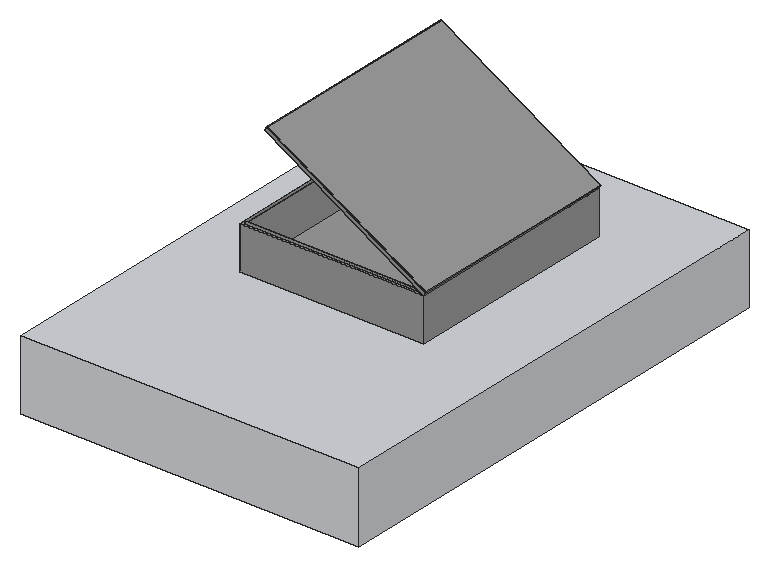
Revit family "Hager-Univers-IP44-D205-H950-Cl.II-Encl-CH-de", category Equipement électrique, Revit 2020
Family settings
  Hôte = Face
  Configuration du panneau = Deux colonnes, circuits au sein
  Cote de connecteur circulaire = Utiliser le diamètre
  Type d'élément = Tableau de raccordement
  Couper avec des vides une fois chargée = Non
  Partagée = Non
  Point de calcul de pièce = Non
Parameters (values of type "Aufputz IP44 B800 H950 T205  - FP63QS")
  Width Control [instance] = if([EF000008 - Breite] > Min Width, [EF000008 - Breite], Min Width)  # 800 mm
  Commentaires du type = [HG000003 - Bereich]  # "Univers"
  Thickness Door [instance] = if([EF009171 - Materialstärke Tür/Deckel] > 3 mm, 3 mm, [EF009171 - Materialstärke Tür/Deckel])  # 1 mm
  Seal Frame Offset [instance] = 17 mm  # constant formula
  Plinth Visibility [instance] = [HG000027 - Sockelhöhe] > 0 mm  # no
  Model = ""
  Min Width [instance] = 100 mm  # constant formula
  Min Height [instance] = 100 mm  # constant formula
  Min Depth [instance] = (2 * [EF009170 - Materialstärke Gehäuse]) + 1 mm  # 3 mm
  Internal Frame Depth [instance] = (Door System Depth * 0.5)  # 9 mm
  Height Control [instance] = if([EF000040 - Höhe] > Min Height, [EF000040 - Höhe], Min Height)  # 950 mm
  HG000027 - Sockelhöhe = 0 mm
  HG000026 - Stehend auf dem Boden = no
  HG000024 - Höhe des unteren Teils = 800 mm
  HG000023 - Gehäuse mit doppeltem Querschnitt = no
  HG000016 - 3D-Türsichtbarkeit [instance] = yes
  HG000015 - Sichtbarkeit der Türöffnung [instance] = no
  HG000014 - Tür rechts [instance] = yes
  HG000013 - Tür links [instance] = not([HG000014 - Tür rechts])  # no
  HG000012 - Türschwenkwinkel [instance] = 30.00°
  HG000010 - Asymmetrische Türen = no
  HG000009 - Doppelflügeligen Tür = no
  HG000006 - Unterputz = no
  HG000004 - Herstellerreferenz = "FP63QS"
  HG000003 - Bereich = "Univers"
  HG000002 - Mit tür = yes
  Frame Offset Bottom [instance] = 10 mm  # constant formula
  Frame Offset [instance] = 15 mm  # constant formula
  EF015940 - Deckel mit Überdruckentlastung = no
  EF011959 - Schutzart (NEMA) = ""
  EF009554 - Anzahl der Öffnungen für Flanschplatten = 6
  Fabricant = "Hager"  # constant formula
  EF009212 - Ausführung Deckel = "EV000116 - geschlossen"
  EF009171 - Materialstärke Tür/Deckel = 1 mm
  EF009170 - Materialstärke Gehäuse = 1 mm
  EF008873 - Nennstrom (In) = 250 A
  EF007800 - Geeignet für Blitzschutz = no
  EF006306 - Mit Schloss = no
  EF006244 - Transparenter Deckel/Tür = no
  EF005474 - Schutzart (IP) = "EV006418 - IP44"
  EF004464 - Art der Tür = "EV002646 - Einzel"
  EF004427 - Anzahl der Module = 216
  EF004293 - Schlagfestigkeit = "EV006815 - IK09"
  EF003532 - Geeignet für Außengebrauch = no
  EF002950 - Breite in Teilungseinheiten = 36
  EF001613 - Funktionserhalt = "EV000494 - ohne"
  EF001596 - Werkstoff des Gehäuses = "EV000179 - Stahl"
  EF001131 - Innentiefe = 143 mm
  EF001088 - Anbaumöglichkeit = yes
  EF000437 - Anzahl der Leitungseinführungen = 6
  EF000339 - Art der Abdeckung = "EV001012 - Deckel"
  EF000266 - Anzahl der Reihen = 6
  EF000218 - Einbautiefe = 0 mm
  EF000118 - Mit Montageplatte = no
  EF000116 - RAL-Nummer = "9010"
  EF000049 - Tiefe = 205 mm
  EF000040 - Höhe = 950 mm
  EF000008 - Breite = 800 mm
  EF000007 - Farbe = "EV000202 - weiß"
  EF000003 - Montageart = "EV000384 - Aufputz"
  Door System Leaf Tolerance [instance] = 1.5 mm  # constant formula
  Door System Depth [instance] = 18 mm  # constant formula
  Door Height [instance] = Height Control - [HG000027 - Sockelhöhe]  # 950 mm
  Depth Control [instance] = if([EF000049 - Tiefe] > Min Depth, [EF000049 - Tiefe], Min Depth)  # 205 mm
  Default Elevation = 0 mm
  Connector Offset [instance] = Height Control / 2  # 475 mm
  Bottom Top Plate Trim [instance] = 1.5 mm  # constant formula
  Plinth height Ctrl [instance] = if([HG000027 - Sockelhöhe] > 0 mm, [HG000027 - Sockelhöhe], 12 mm)  # 12 mm
Types (5, lengths in mm): name | Width Control | HG000009 - Doppelflügeligen Tür | HG000004 - Herstellerreferenz | EF009554 - Anzahl der Öffnungen für Flanschplatten | EF004464 - Art der Tür | EF004427 - Anzahl der Module | EF002950 - Breite in Teilungseinheiten | EF001131 - Innentiefe | EF000437 - Anzahl der Leitungseinführungen | EF000008 - Breite
  Aufputz IP44 B1050 H950 T205  - FP64QS | 1050 | yes | "FP64QS" | 8 | "EV003602 - Doppel" | 288 | 48 | 143 | 8 | 1050
  Aufputz IP44 B1300 H950 T205  - FP65QS | 1300 | yes | "FP65QS" | 10 | "EV003602 - Doppel" | 360 | 60 | 143 | 10 | 1300
  Aufputz IP44 B300 H950 T205  - FP61QS | 300 | no | "FP61QS" | 2 | "EV002646 - Einzel" | 72 | 12 | 143 | 2 | 300
  Aufputz IP44 B550 H950 T205  - FP62QS | 550 | no | "FP62QS" | 4 | "EV002646 - Einzel" | 144 | 24 | 130 | 4 | 550
  Aufputz IP44 B800 H950 T205  - FP63QS | 800 | no | "FP63QS" | 6 | "EV002646 - Einzel" | 216 | 36 | 143 | 6 | 800
Reference planes
  plane 1 "Center (Front/Back)": y = 0
  plane 2: z = 0
  plane 3 "Center (Left/Right)": x = 0
  plane 4: z = 205
  plane 5: y = 1
  plane 6: y = 475
  plane 7: y = 0
  plane 8: y = 950
  plane 9: z = 0
  plane 10: x = -385
  plane 11: x = 385
  plane 12: x = 384
  plane 13: x = -384
  plane 14: y = 949
  plane 15: x = -383
  plane 16: x = -400
  plane 17: x = 383
  plane 18: x = 400
  plane 19: x = 399
  plane 20: x = -399
  plane 21: y = 11
  plane 22: y = 950
  plane 23: y = 934
  plane 24: z = 187
  plane 25: z = 1
  plane 26: z = 186
  plane 27: z = 204
Forms (mm)
  Extrusion 1, solid
    sketch origin (0, 0, 0) x (1, 0, 0) y (0, 1, 0)
      loop
        line (-702.964, 1305) -> (-702.964, -811.445) -> (766.763, -811.445) -> (766.763, 1305) -> (-702.964, 1305)
    from 0 to -304.8
  Extrusion 2, solid, material "Hager_Steel_RAL7035_Light_Grey", visible <- "Plinth Visibility", detail levels medium+fine
    sketch origin (0, 0, 0) x (1, 0, 0) y (0, 1, 0)
      loop
        line (-400, 0) -> (400, 0) -> (400, 12) -> (-400, 12) -> (-400, 0)
    from 0 to 187
  Extrusion 3, solid, material "Hager_Steel_RAL7035_Light_Grey", detail levels medium+fine
    sketch origin (0, 0, 0) x (1, 0, 0) y (0, 1, 0)
      loop
        line (-400, 0) -> (400, 0) -> (400, 950) -> (-400, 950) -> (-400, 0)
    from 0 to 187
  Extrusion 4, void
    sketch origin (0, 0, 0) x (1, 0, 0) y (0, 1, 0)
      loop
        line (-399, 1) -> (399, 1) -> (399, 949) -> (-399, 949) -> (-399, 1)
    from 1 to 186
  Extrusion 5, void
    sketch origin (-381.607, -4572, 187) x (0, -1, 0) y (-1, 0, 0)
      loop
        line (-4583, 2.393) -> (-5506, 2.393) -> (-5506, -765.607) -> (-4583, -765.607) -> (-4583, 2.393)
    from 0 to 1 <- "EF009170 - Materialstärke Gehäuse"
  Extrusion 6, solid, material "Hager_Steel_RAL7035_Light_Grey", detail levels fine
    sketch origin (0, 0, 187) x (1, 0, 0) y (0, 1, 0)
      loop
        line (-384, 934) -> (-384, 11) -> (384, 11) -> (384, 934) -> (-384, 934)
      loop
        line (-385, 10) -> (385, 10) -> (385, 935) -> (-385, 935) -> (-385, 10)
    from 0 to 9 <- "Internal Frame Depth"
  Extrusion 7, solid, material "Hager_Steel_RAL7035_Light_Grey", detail levels coarse
    sketch origin (0, 0, 0) x (1, 0, 0) y (0, 1, 0)
      loop
        line (-400, 0) -> (400, 0) -> (400, 950) -> (-400, 950) -> (-400, 0)
    from 0 to 205
  Sweep 8, void
    path in 3D
      loop
        line (-400, 12, 0) -> (400, 12, 0) -> (400, 12, 187) -> (-400, 12, 187) -> (-400, 12, 0)
    profile origin (-400, 12, 93.5) x (-1, 0, 0) y (0, -1, 0)
      loop
        line (0, 0) -> (0, 1.5) -> (-1.5, 1.5)
        arc (-1.5, 1.5) -> (-1.061, 0.439) -> (0, 0) r 1.5
Cuts and joins
  Extrusion 4, Extrusion 5 cuts Extrusion 3
  Sweep 8 cuts Extrusion 2
Lines and regions (mm)
  Masking region 1
    outline origin (0, 0, 0) x (1, 0, 0) y (0, 0, 1)
      loop
        line (-400, 205) -> (-400, 0) -> (400, 0) -> (400, 205) -> (-400, 205)
  Masking region 2, detail levels medium+fine
    outline origin (0, 140, 0) x (0, 1, 0) y (0, 0, 1)
      loop
        line (-140, 0) -> (810, 0) -> (810, 187) -> (-140, 187) -> (-140, 0)
  Masking region 3, not visible, detail levels medium+fine
    outline origin (0, 297.922, 0) x (0, 1, 0) y (0, 0, 1)
      loop
        line (188.578, 0) -> (228.578, 0) -> (228.578, 194)
        arc (228.578, 194) -> (225.649, 201.071) -> (218.578, 204) r 10
        line (218.578, 204) -> (188.578, 204) -> (188.578, 0)
  Masking region 4, detail levels coarse
    outline origin (0, 0, 180) x (0, 1, 0) y (0, 0, 1)
      loop
        line (0, -180) -> (950, -180) -> (950, 25) -> (0, 25) -> (0, -180)
  Masking region 5, visible <- "Plinth Visibility", detail levels medium+fine
    outline origin (0, 52.24, 12.345) x (0, 0, -1) y (0, 1, 0)
      loop
        line (10.845, -40.24) -> (-173.155, -40.24)
        arc (-173.155, -40.24) -> (-173.594, -41.301) -> (-174.655, -41.74) r 1.5
        line (-174.655, -41.74) -> (-174.655, -52.24) -> (12.345, -52.24) -> (12.345, -41.74)
        arc (12.345, -41.74) -> (11.285, -41.301) -> (10.845, -40.24) r 1.5
  Masking region 6, detail levels medium+fine
    outline origin (-381.607, -4572, 187) x (-1, 0, 0) y (0, -1, 0)
      loop
        line (18.393, -5522) -> (18.393, -4572) -> (-781.607, -4572) -> (-781.607, -5522) -> (18.393, -5522)
  Masking region 7, visible <- "Plinth Visibility", detail levels medium+fine
    outline origin (-381.607, -4727, 187) x (-1, 0, 0) y (0, -1, 0)
      loop
        arc (16.893, -4739) -> (17.332, -4737.939) -> (18.393, -4737.5) r 1.5
        line (18.393, -4737.5) -> (18.393, -4727) -> (-781.607, -4727) -> (-781.607, -4737.5)
        arc (-781.607, -4737.5) -> (-780.546, -4737.939) -> (-780.107, -4739) r 1.5
        line (-780.107, -4739) -> (16.893, -4739)
  Masking region 8, detail levels coarse
    outline origin (-442.548, -4669.526, 187) x (-1, 0, 0) y (0, -1, 0)
      loop
        line (-42.548, -5619.526) -> (-42.548, -4669.526) -> (-842.548, -4669.526) -> (-842.548, -5619.526) -> (-42.548, -5619.526)
  sketch lines
    curve 1: line (-400, 12, 187) -> (-400, 12, 0)
    curve 2: line (400, 12, 187) -> (-400, 12, 187)
    curve 3: line (400, 12, 187) -> (400, 12, 0)
    curve 4: line (-400, 12, 0) -> (400, 12, 0)
Dimensions and locks
  "Depth Control": plane 4 to Extrusion 1
  "HG000027 - Sockelhöhe": plane 1 "Center (Front/Back)" to plane 7
  "EF009170 - Materialstärke Gehäuse": plane 5 to plane 7
  locked: connector elem to plane 3 "Center (Left/Right)"
  equal spacing: plane 8, plane 6, plane 7
  locked: connector elem to plane 6
  "EF009170 - Materialstärke Gehäuse": plane 8 to plane 14
  "EF009170 - Materialstärke Gehäuse": plane 10 to plane 13
  "EF009170 - Materialstärke Gehäuse": plane 12 to plane 11
  "Frame Offset": plane 20 to plane 13
  "Frame Offset": plane 12 to plane 19
  "EF009170 - Materialstärke Gehäuse": plane 16 to plane 20
  "EF009170 - Materialstärke Gehäuse": plane 19 to plane 18
  "Seal Frame Offset": plane 16 to plane 15
  "Seal Frame Offset": plane 17 to plane 18
  "Frame Offset Bottom": plane 21 to plane 5
  "Frame Offset": plane 14 to plane 23
  equal spacing: plane 16, plane 3 "Center (Left/Right)", plane 18
  "Width Control": plane 16 to plane 18
  "EF009170 - Materialstärke Gehäuse": plane 4 to plane 27
  "EF009170 - Materialstärke Gehäuse": plane 24 to plane 26
  "EF009170 - Materialstärke Gehäuse": plane 25 to level
  "Door System Depth": plane 4 to plane 24
  "Height Control": plane 1 "Center (Front/Back)" to Extrusion 7 sketch curve
  "Height Control": Masking region 4 sketch curve to plane 1 "Center (Front/Back)"
  "Height Control": plane 1 "Center (Front/Back)" to plane 22
  "Bottom Top Plate Trim": profile plane to Sweep 8 sketch curve
  "Bottom Top Plate Trim": Sweep 8 sketch curve to profile plane
  "Plinth height Ctrl": plane 1 "Center (Front/Back)" to Extrusion 2 sketch curve
  "Plinth height Ctrl": Masking region 5 sketch curve to plane 1 "Center (Front/Back)"
  "Plinth height Ctrl": plane 1 "Center (Front/Back)" to Masking region 7 sketch curve
  "Thickness Door": Extrusion 6 sketch curve to Extrusion 6 sketch curve  (x3)
  "Thickness Door": cut or joined group of Extrusion 3, Extrusion 4, Extrusion 5 to Extrusion 6 sketch curve
  radius of Masking region 3 sketch curve = 10 mm
  "Bottom Top Plate Trim": radius of Masking region 5 sketch curve  (x2)
  "Bottom Top Plate Trim": radius of Sweep 8 sketch curve
  "Bottom Top Plate Trim": radius of Masking region 7 sketch curve  (x2)
  aligned and locked: plane 2 to Extrusion 1
  aligned and locked: level to Extrusion 1
  aligned and locked: level to Masking region 1 sketch curve
  aligned and locked: Masking region 1 sketch curve to plane 18
  aligned and locked: Masking region 1 sketch curve to plane 16
  aligned and locked: plane 7 to Masking region 2 sketch curve
  aligned and locked: level to Masking region 3 sketch curve
  aligned and locked: Masking region 3 sketch curve to plane 27
  aligned and locked: level to Masking region 2 sketch curve
  aligned and locked: plane 1 "Center (Front/Back)" to Extrusion 2 sketch curve
  aligned and locked: Extrusion 3 sketch curve to plane 7
  aligned and locked: plane 16 to Extrusion 3 sketch curve
  aligned and locked: plane 18 to Extrusion 3 sketch curve
  aligned and locked: plane 20 to Extrusion 4 sketch curve
  aligned and locked: plane 19 to Extrusion 4 sketch curve
  aligned and locked: Extrusion 4 sketch curve to plane 5
  aligned and locked: Extrusion 4 to plane 25
  aligned and locked: plane 26 to Extrusion 4
  aligned and locked: plane 24 to Extrusion 3
  aligned and locked: Extrusion 5 sketch curve to plane 21
  aligned and locked: Extrusion 5 sketch curve to plane 13
  aligned and locked: Extrusion 5 sketch curve to plane 12
  aligned and locked: plane 18 to Extrusion 7 sketch curve
  aligned and locked: plane 1 "Center (Front/Back)" to Extrusion 7 sketch curve
  aligned and locked: plane 16 to Extrusion 7 sketch curve
  aligned and locked: plane 4 to Extrusion 7
  aligned and locked: Extrusion 7 to level
  aligned and locked: level to Masking region 4 sketch curve
  aligned and locked: Masking region 4 sketch curve to plane 1 "Center (Front/Back)"
  aligned and locked: Masking region 4 sketch curve to plane 4
  aligned and locked: nested 1 to level
  aligned and locked: nested 1 to plane 16
  aligned and locked: plane 8 to Extrusion 3 sketch curve
  aligned and locked: plane 23 to Extrusion 5 sketch curve
  aligned and locked: plane 14 to Extrusion 4 sketch curve
  aligned and locked: Masking region 2 sketch curve to plane 8
  aligned and locked: level to Masking region 5 sketch curve
  aligned and locked: plane 16 to Extrusion 2 sketch curve
  aligned and locked: plane 18 to Extrusion 2 sketch curve
  aligned and locked: Masking region 5 sketch curve to plane 24
  aligned and locked: Masking region 2 sketch curve to plane 24
  aligned and locked: plane 24 to Extrusion 2
  aligned and locked: profile plane to Sweep 8 sketch curve  (x2)
  aligned and locked: Masking region 6 sketch curve to plane 18
  aligned and locked: Masking region 6 sketch curve to plane 22
  aligned and locked: Masking region 6 sketch curve to plane 16
  aligned and locked: plane 8 to plane 22
  aligned and locked: Masking region 6 sketch curve to plane 7
  aligned and locked: Masking region 7 sketch curve to plane 16
  aligned and locked: Masking region 7 sketch curve to plane 1 "Center (Front/Back)"
  aligned and locked: Masking region 7 sketch curve to plane 18
  aligned and locked: Masking region 8 sketch curve to plane 1 "Center (Front/Back)"
  aligned and locked: Masking region 8 sketch curve to plane 18
  aligned and locked: Masking region 8 sketch curve to plane 22
  aligned and locked: Masking region 8 sketch curve to plane 16
  aligned and locked: nested 2 to plane 7
  aligned and locked: plane 3 "Center (Left/Right)" to nested 2
  aligned and locked: nested 2 to plane 24
  aligned and locked: Extrusion 6 sketch curve to cut or joined group of Extrusion 3, Extrusion 4, Extrusion 5  (x4)
Automatic sketch dimensions
  Extrusion 1 sketch curve to Extrusion 1 sketch curve = 1469.727 mm
  Extrusion 1 sketch curve to Extrusion 1 sketch curve = 2116.445 mm
  Masking region 1 sketch curve to plane 4 = 0 mm
  plane 6 to Masking region 3 sketch curve = 11.5 mm
  Masking region 3 sketch curve to Masking region 3 sketch curve = 30 mm
  Masking region 5 sketch curve to plane 1 "Center (Front/Back)" = 0 mm
Nested families
  nested 1: "Hager_Enclosure_Symbol" at (-400, 0, 0) x (1, 0, 0) z (0, -1, 0), Height <- "Depth Control", Width <- "Width Control", type "Hager_Enclosure_Symbol"
    with Width_Ctrl 800 mm, Width 800 mm, Height_Ctrl 205 mm, Height 205 mm, A_Width_Int 13.453 mm, A_Width 161.438 mm, A_Height_Ctrl 179.375 mm, A_Height 179.375 mm
  nested 2: "EC000058_Univers_Door" at (0, 0, 187) x (1, 0, 0) z (0, 1, 0), Leaf_Tolerance <- "Door System Leaf Tolerance", Angle <- "HG000012 - Türschwenkwinkel", Door_Depth <- "Door System Depth", Door_Left <- "HG000013 - Tür links", Transparent <- "EF006244 - Transparenter Deckel/Tür", Assymetrical <- "HG000010 - Asymmetrische Türen", Width <- "Width Control", Clearance <- "HG000015 - Sichtbarkeit der Türöffnung", Double <- "HG000009 - Doppelflügeligen Tür", 3d_Door <- "HG000016 - 3D-Türsichtbarkeit", Lock_Visibility <- "EF006306 - Mit Schloss", Width_Ctrl <- "Width Control", Door_Right <- "HG000014 - Tür rechts", Door <- "HG000002 - Mit tür", Height <- "Door Height", Thickness <- "Thickness Door", type "EC000058_Univers_Door", detail levels medium+fine
    with min_wh 3 mm, Width_Ctrl 800 mm, Width 800 mm, Transparent no, Thickness 1 mm, Seal_Material Hager_Rubber, Lock_Visibility no, Lock_Material Hager_Plastic_RAL9005_Jet_Black, Leaf_Width 800 mm, Leaf_Tolerance_External_Sides 0 mm, Leaf_Tolerance 1.5 mm, Leaf_Offset 0 mm, Leaf_Height 947 mm, Leaf_2_Width 800 mm, Leaf_2_Offset 400 mm, Leaf_1_Width 800 mm, Leaf_1_Offset 400 mm, Height_Ctrl 950 mm, Height 950 mm, Glass_Material Hager_Glass, Double_Clearance_Ctrl no, Double no, Door_Right_Ctrl yes, Door_Right yes, Door_Material Hager_Steel_RAL7035_Light_Grey, Door_Left_Ctrl no, Door_Left no, Door_Depth 18 mm, Door yes, Clearance_Material Hager_Clearance, Clearance_Depth 800 mm, Clearance_Ctrl no, Clearance no, Assymetrical no, Angle 30.00°, 3d_Door yes
Connectors
  electrical at (0, 475, 0)
    settings: on plane 9, index 1, voltage 0 V, apparent load 0 VA, apparent load phase1 0 VA, apparent load phase2 0 VA, apparent load phase3 0 VA, power factor 1, load classification "Other", number of poles 1, system type 30, power factor state 1, is connector primary yes, connector utility no, sub classification motor no, connector description ""
Definition of nested family "EC000058_Univers_Door"
  Parameters (values of type "EC000058_Univers_Door")
    min_wh [instance] = (2 * Thickness) + 1 mm  # 11 mm
    Width_Ctrl [instance] = 400 mm
    Width [instance] = 500 mm
    Transparent [instance] = yes
    Thickness [instance] = 5 mm
    Seal_Material [instance] = none
    Lock_Visibility [instance] = yes
    Lock_Material [instance] = none
    Leaf_Width [instance] = if((Width_Ctrl - 2 * Leaf_Tolerance_External_Sides) > 0 mm, (Width_Ctrl - 2 * Leaf_Tolerance_External_Sides), min_wh)  # 400 mm
    Leaf_Tolerance_External_Sides [instance] = 0 mm  # constant formula
    Leaf_Tolerance [instance] = 1.5 mm
    Leaf_Offset [instance] = 0 mm  # constant formula
    Leaf_Height [instance] = if((Height_Ctrl - 2 * Leaf_Tolerance) > 0 mm, (Height_Ctrl - 2 * Leaf_Tolerance), min_wh)  # 497 mm
    Leaf_2_Width [instance] = if(and(and(Double, Assymetrical), Door_Left), (Leaf_Width / 3) - (Leaf_Tolerance / 2), if(and(and(Double, Assymetrical), Door_Right), (Leaf_Width / 3) * 2 - (Leaf_Tolerance / 2), if(and(Double, not(Assymetrical)), (Leaf_Width / 2) - Leaf_Tolerance, Leaf_Width)))  # 400 mm
    Leaf_2_Offset [instance] = if(and(Double, Assymetrical), Leaf_2_Width / 2, if(and(Double, not(Assymetrical)), Leaf_Width / 4, Leaf_Width / 2))  # 200 mm
    Leaf_1_Width [instance] = if(and(and(Double, Assymetrical), Door_Right), (Leaf_Width / 3) - (Leaf_Tolerance / 2), if(and(and(Double, Assymetrical), Door_Left), (Width / 3) * 2 - (Leaf_Tolerance / 2), if(and(Double, not(Assymetrical)), (Leaf_Width / 2) - Leaf_Tolerance, Leaf_Width)))  # 400 mm
    Leaf_1_Offset [instance] = if(and(Double, Assymetrical), Leaf_1_Width / 2, if(and(Double, not(Assymetrical)), Leaf_Width / 4, Leaf_Width / 2))  # 200 mm
    Height_Ctrl [instance] = if(Height > min_wh, Height, min_wh)  # 500 mm
    Height [instance] = 500 mm
    Glass_Material [instance] = none
    Double_Clearance_Ctrl [instance] = and(Double, Clearance)  # no
    Double [instance] = no
    Door_Right_Ctrl [instance] = and(or(Door_Right, Double), Door)  # yes
    Door_Right [instance] = yes
    Door_Material [instance] = none
    Door_Left_Ctrl [instance] = and(or(Door_Left, Double), Door)  # no
    Door_Left [instance] = no
    Door_Depth [instance] = 30 mm
    Door [instance] = yes
    Default Elevation = 1219.2 mm
    Clearance_Material [instance] = none
    Clearance_Depth [instance] = if(Leaf_1_Width > Leaf_2_Width, Leaf_1_Width, Leaf_2_Width)  # 400 mm
    Clearance_Ctrl [instance] = and(not(Double), Clearance)  # yes
    Clearance [instance] = yes
    Assymetrical [instance] = yes
    Angle [instance] = 30.00°
    3d_Door [instance] = yes
  Reference planes
    plane 1 "Center (Front/Back)": y = 0
    plane 2 "Bottom": z = 0
    plane 3 "Center (Left/Right)": x = 0
    plane 4: z = 500
    plane 5: x = -200
    plane 6: x = 200
    plane 7: z = 500
    plane 8: x = -200
    plane 9: z = 0
    plane 10: x = 200
    plane 11: y = 0
    plane 12: z = 1.5
    plane 13: x = -600
    plane 14: y = -400
    plane 15: x = 600
    plane 16: x = 0
    plane 17: x = 0
    plane 18: x = -200
    plane 19: x = 200
    plane 20: z = 498.5
  Forms (mm)
    Extrusion 1, solid, material <- "Clearance_Material", visible <- "Double_Clearance_Ctrl"
      sketch origin (1200, 0, 0) x (1, 0, 0) y (0, 0, -1)
        loop
          line (-1800, -498.5) -> (-600, -498.5) -> (-600, 0) -> (-1800, 0) -> (-1800, -498.5)
      from 0 to -400
  Dimensions and locks
    equal spacing: plane 5, plane 3 "Center (Left/Right)", plane 6
    "Width_Ctrl": plane 5 to plane 6
    "Leaf_Offset": plane 5 to plane 8
    "Leaf_Offset": plane 6 to plane 10
    "Leaf_Offset": plane 9 to level
    "Leaf_Offset": plane 4 to plane 7
    "Height_Ctrl": plane 4 to level
    "Leaf_Tolerance": plane 12 to plane 9
    locked: plane 11 to plane 1 "Center (Front/Back)"
    "Leaf_1_Offset": plane 18 to plane 16
    "Leaf_2_Offset": plane 17 to plane 19
    "Leaf_1_Width": plane 13 to plane 8
    "Leaf_2_Width": plane 10 to plane 15
    "Clearance_Depth": plane 14 to plane 1 "Center (Front/Back)"
    "Leaf_Tolerance_External_Sides": plane 8 to plane 18
    "Leaf_Tolerance_External_Sides": plane 19 to plane 10
    "Leaf_Tolerance": plane 7 to plane 20
    aligned and locked: level to plane 2 "Bottom"
    aligned and locked: nested 1 to plane 16
    aligned and locked: nested 2 to plane 17
    aligned and locked: Extrusion 1 to plane 13
    aligned and locked: plane 15 to Extrusion 1
    aligned and locked: Extrusion 1 to plane 14
    aligned and locked: plane 12 to nested 1
    aligned and locked: nested 2 to plane 12
    aligned and locked: Extrusion 1 to plane 11
    aligned and locked: plane 20 to Extrusion 1
    aligned and locked: nested 2 to plane 11
    aligned and locked: nested 1 to plane 11
  Automatic sketch dimensions
    Extrusion 1 sketch curve to level = 0 mm
    plane 5 to Extrusion 1 sketch curve = 400 mm
    plane 6 to Extrusion 1 sketch curve = 400 mm
    Extrusion 1 sketch curve to plane 4 = 1.5 mm
  Nested families
    nested 1: "EC000058_Univers_Door_Leaf" at (0, 0, 1.5), Width <- "Leaf_1_Width", visible <- "Door_Left_Ctrl", Leaf_Height <- "Leaf_Height", Angle <- "Angle", 3d_Door <- "3d_Door", Transparent <- "Transparent", Clearance Material <- "Clearance_Material", Clearance <- "Clearance_Ctrl", Door_Material <- "Door_Material", Glass_Material <- "Glass_Material", Door_Depth <- "Door_Depth", Lock_Material <- "Lock_Material", Seal_Material <- "Seal_Material", Lock_Visibility <- "Lock_Visibility", Thickness <- "Thickness", type "EC000058_Univers_Door_Leaf"
      with Width 400 mm, Transparent_Glass_Offset 30 mm, Transparent_Ctrl yes, Transparent yes, Thickness 5 mm, Standard no, Seal_Material none, Seal_D2 8 mm, Seal_D1 1 mm, Offset_Internal_Frame 10 mm, Lock_Width 20 mm, Lock_Visibility_3d yes, Lock_Visibility yes, Lock_Thickness_3 3 mm, Lock_Thickness_2 1 mm, Lock_Thickness_1 3 mm, Lock_Radius_Offset_2 16 mm, Lock_Radius_Offset_1 15 mm, Lock_Radius_2 5 mm, Lock_Radius 6 mm, Lock_Offset 5 mm, Lock_Material none, Lock_Height 80 mm, Lock_Cover_Top_Offset_2d 17 mm, Lock_Cover_Height -65 mm, Leaf_Height 497 mm, Internal_Seal_Thickness 8 mm, Internal_Seal_Depth_2 4.5 mm, Internal_Frame_Depth 25 mm, Glass_Thickness -1 mm, Glass_Offset -2 mm, Glass_Material none, Door_Material none, Door_Depth 30 mm, Clearance Material none, Clearance yes, Angle_Ctrl 30.00°, Angle 30.00°, 3d_Door yes
    nested 2: "EC000058_Univers_Door_Leaf" at (0, 0, 1.5) x (-1, 0, 0) z (0, 0, 1), Width <- "Leaf_2_Width", visible <- "Door_Right_Ctrl", Leaf_Height <- "Leaf_Height", Angle <- "Angle", 3d_Door <- "3d_Door", Transparent <- "Transparent", Clearance Material <- "Clearance_Material", Clearance <- "Clearance_Ctrl", Door_Material <- "Door_Material", Glass_Material <- "Glass_Material", Door_Depth <- "Door_Depth", Lock_Material <- "Lock_Material", Seal_Material <- "Seal_Material", Lock_Visibility <- "Lock_Visibility", Thickness <- "Thickness", type "EC000058_Univers_Door_Leaf"
      with Width 400 mm, Transparent_Glass_Offset 30 mm, Transparent_Ctrl yes, Transparent yes, Thickness 5 mm, Standard no, Seal_Material none, Seal_D2 8 mm, Seal_D1 1 mm, Offset_Internal_Frame 10 mm, Lock_Width 20 mm, Lock_Visibility_3d yes, Lock_Visibility yes, Lock_Thickness_3 3 mm, Lock_Thickness_2 1 mm, Lock_Thickness_1 3 mm, Lock_Radius_Offset_2 16 mm, Lock_Radius_Offset_1 15 mm, Lock_Radius_2 5 mm, Lock_Radius 6 mm, Lock_Offset 5 mm, Lock_Material none, Lock_Height 80 mm, Lock_Cover_Top_Offset_2d 17 mm, Lock_Cover_Height -65 mm, Leaf_Height 497 mm, Internal_Seal_Thickness 8 mm, Internal_Seal_Depth_2 4.5 mm, Internal_Frame_Depth 25 mm, Glass_Thickness -1 mm, Glass_Offset -2 mm, Glass_Material none, Door_Material none, Door_Depth 30 mm, Clearance Material none, Clearance yes, Angle_Ctrl 30.00°, Angle 30.00°, 3d_Door yes
  Definition of nested family "EC000058_Univers_Door_Leaf"
    Parameters (values of type "EC000058_Univers_Door_Leaf")
      Width [instance] = 2000 mm
      Transparent_Glass_Offset [instance] = 30 mm
      Transparent_Ctrl [instance] = and(Transparent, [3d_Door])  # yes
      Transparent [instance] = yes
      Thickness [instance] = 5 mm
      Standard [instance] = and(not(Transparent), [3d_Door])  # no
      Seal_Material [instance] = none
      Seal_D2 [instance] = 8 mm  # constant formula
      Seal_D1 [instance] = 1 mm  # constant formula
      Offset_Internal_Frame [instance] = 10 mm  # constant formula
      Lock_Width [instance] = 20 mm  # constant formula
      Lock_Visibility_3d [instance] = and(Lock_Visibility, [3d_Door])  # yes
      Lock_Visibility [instance] = yes
      Lock_Thickness_3 [instance] = 3 mm  # constant formula
      Lock_Thickness_2 [instance] = 1 mm  # constant formula
      Lock_Thickness_1 [instance] = 3 mm  # constant formula
      Lock_Radius_Offset_2 [instance] = Lock_Radius_Offset_1 + 1 mm  # 16 mm
      Lock_Radius_Offset_1 [instance] = 15 mm  # constant formula
      Lock_Radius_2 [instance] = Lock_Radius - 1 mm  # 5 mm
      Lock_Radius [instance] = 6 mm  # constant formula
      Lock_Offset [instance] = 5 mm  # constant formula
      Lock_Material [instance] = none
      Lock_Height [instance] = 80 mm  # constant formula
      Lock_Cover_Top_Offset_2d [instance] = Lock_Radius_Offset_2 + 1 mm  # 17 mm
      Lock_Cover_Height [instance] = -(Lock_Height - Lock_Radius_Offset_1)  # -65 mm
      Leaf_Height [instance] = 2720.336 mm
      Internal_Seal_Thickness [instance] = 8 mm  # constant formula
      Internal_Seal_Depth_2 [instance] = 4.5 mm  # constant formula
      Internal_Frame_Depth [instance] = if(Door_Depth - Thickness > 5 mm, Door_Depth - Thickness, 5 mm)  # 25 mm
      Glass_Thickness [instance] = if(Thickness > 15 mm, Glass_Offset + 10 mm, -1 mm)  # -1 mm
      Glass_Offset [instance] = if(Thickness > 15 mm, -(Thickness + 10 mm) / 2, -2 mm)  # -2 mm
      Glass_Material [instance] = none
      Door_Material [instance] = none
      Door_Depth [instance] = 30 mm
      Default Elevation = 0 mm
      Clearance Material [instance] = none
      Clearance [instance] = yes
      Angle_Ctrl [instance] = if(Angle > 180.00°, 180.00°, Angle)  # 90.00°
      Angle [instance] = 90.00°
      3d_Door [instance] = yes
    Reference planes
      plane 1 "Center (Front/Back)": y = 0
      plane 2: z = 0
      plane 3 "Center (Left/Right)": x = 0
      plane 4: y = 2000
      plane 5: x = -1000
      plane 6: x = 1000
      plane 7: x = -3000
      plane 8: z = 2720.336
      plane 9: z = 30
      plane 10: z = 2690.336
      plane 11: x = 970
      plane 12: x = -970
      plane 13: y = -3
      plane 14: z = 107.833
      plane 15: y = -5
      plane 16: y = -223.314
      plane 17: x = -1000
      plane 18: z = 1360.168
      plane 19: y = 30
    Forms (mm)
      Extrusion 1, solid, material <- "Clearance Material", visible <- "Clearance"
        sketch origin (0, 0, 0) x (1, 0, 0) y (0, 0, 1)
          loop
            line (-3000, 2720.336) -> (-3000, 0) -> (1000, 0) -> (1000, 2720.336) -> (-3000, 2720.336)
        from 0 to -2000
      Extrusion 2, solid, material <- "Door_Material", visible <- "Standard", detail levels medium+fine
        sketch origin (-1000, 0, 0) x (0, 1, 0) y (-1, 0, 0)
          loop
            line (0, 30) -> (0, 25) -> (2000, 25) -> (2000, 30) -> (0, 30)
        from 0 to 2720.336 <- "Leaf_Height"
      Extrusion 3, solid, material <- "Door_Material", visible <- "Transparent_Ctrl", detail levels medium+fine
        sketch origin (-1000, 0, 0) x (0, 1, 0) y (-1, 0, 0)
          loop
            line (0, 25) -> (2000, 25) -> (2000, 30) -> (0, 30) -> (0, 25)
        from 0 to 2720.336 <- "Leaf_Height"
      Extrusion 4, void
        sketch origin (-1025, 2000, 0) x (0, 1, 0) y (0, 0, -1)
          loop
            line (-30, -2690.336) -> (-30, -30) -> (-1970, -30) -> (-1970, -2690.336) -> (-30, -2690.336)
        from 0 to 5 <- "Thickness"
      Sweep 5, solid, material <- "Seal_Material", visible <- "Transparent_Ctrl", detail levels fine
        path in 3D
          loop
            line (-1025, 30, 30) -> (-1025, 30, 2690.336) -> (-1025, 1970, 2690.336) -> (-1025, 1970, 30) -> (-1025, 30, 30)
        profile origin (-1025, 1000, 30) x (1, 0, 0) y (0, 0, 1)
          loop
            line (0, 0) -> (0, -8) -> (1, -8) -> (1, 0) -> (0, 0)
      Extrusion 6, solid, material <- "Glass_Material", visible <- "Transparent_Ctrl", detail levels medium+fine
        sketch origin (-1030, 0, 0) x (0, 1, 0) y (0, 0, -1)
          loop
            line (1970, -2690.336) -> (1970, -30) -> (30, -30) -> (30, -2690.336) -> (1970, -2690.336)
        from -2 <- "Glass_Offset" to -1 <- "Glass_Thickness"
      Extrusion 7, solid, material <- "Door_Material", visible <- "3d_Door", detail levels medium+fine
        sketch origin (-1025, 2000, 0) x (0, -1, 0) y (0, 0, -1)
          loop
            line (0, -2720.336) -> (2000, -2720.336) -> (2000, 0) -> (0, 0) -> (0, -2720.336)
          loop
            line (1995, -5) -> (5, -5) -> (5, -2715.336) -> (1995, -2715.336) -> (1995, -5)
        from 0 to 25 <- "Internal_Frame_Depth"
      Sweep 8, solid, material <- "Seal_Material", visible <- "Transparent_Ctrl", detail levels fine
        path in 3D
          loop
            line (-1025, 0, 0) -> (-1025, 2000, 0) -> (-1025, 2000, 2720.336) -> (-1025, 0, 2720.336) -> (-1025, 0, 0)
        profile origin (-1025, 0, 1360.168) x (1, 0, 0) y (0, 1, 0)
          loop
            line (0, 10) -> (2.975, 10)
            arc (2.975, 10) -> (4.053, 10.447) -> (4.5, 11.525) r 1.525
            line (4.5, 11.525) -> (4.5, 16.527)
            arc (4.5, 16.527) -> (4.069, 17.569) -> (3.027, 18) r 1.473
            line (3.027, 18) -> (0, 18) -> (0, 10)
      Extrusion 9, solid, material <- "Lock_Material", visible <- "Lock_Visibility_3d", detail levels fine
        sketch origin (-1030, 0, 0) x (0, 1, 0) y (0, 0, -1)
          loop
            arc (1993.5, -1400.168) -> (1994.561, -1399.729) -> (1995, -1398.668) r 1.5
            line (1995, -1398.668) -> (1995, -1320.168) -> (1975, -1320.168) -> (1975, -1398.668)
            arc (1975, -1398.668) -> (1975.439, -1399.729) -> (1976.5, -1400.168) r 1.5
            line (1976.5, -1400.168) -> (1993.5, -1400.168)
        from 3 <- "Lock_Thickness_1" to 0
      Blend 10, solid, material <- "Lock_Material", visible <- "Lock_Visibility_3d", detail levels fine
        base sketch origin (-1033, 0, 0) x (0, 1, 0) y (0, 0, -1)
          loop
            line (1975, -1320.168) -> (1975, -1398.668)
            arc (1975, -1398.668) -> (1975.439, -1399.729) -> (1976.5, -1400.168) r 1.5
            line (1976.5, -1400.168) -> (1993.5, -1400.168)
            arc (1993.5, -1400.168) -> (1994.561, -1399.729) -> (1995, -1398.668) r 1.5
            line (1995, -1398.668) -> (1995, -1320.168) -> (1975, -1320.168)
        top sketch origin (-1033, 0, 0) x (0, 1, 0) y (0, 0, -1)
          loop
            line (1976, -1320.168) -> (1976, -1398.668)
            arc (1976, -1398.668) -> (1976.146, -1399.022) -> (1976.5, -1399.168) r 0.5
            line (1976.5, -1399.168) -> (1993.5, -1399.168)
            arc (1993.5, -1399.168) -> (1993.854, -1399.022) -> (1994, -1398.668) r 0.5
            line (1994, -1398.668) -> (1994, -1320.168) -> (1976, -1320.168)
        from 0 to 1 <- "Lock_Thickness_2"
      Blend 11, solid, material <- "Lock_Material", visible <- "Lock_Visibility_3d", detail levels fine
        base sketch origin (-1034, 0, 0) x (0, 1, 0) y (0, 0, -1)
          loop
            line (1978, -1320.168) -> (1978, -1384.168)
            arc (1978, -1384.168) -> (1985, -1391.168) -> (1992, -1384.168) r 7
            line (1992, -1384.168) -> (1992, -1320.168) -> (1978, -1320.168)
        top sketch origin (-1034, 0, 0) x (0, 1, 0) y (0, 0, -1)
          loop
            line (1991, -1320.168) -> (1979, -1320.168) -> (1979, -1383.168)
            arc (1979, -1383.168) -> (1985, -1389.168) -> (1991, -1383.168) r 6
            line (1991, -1383.168) -> (1991, -1320.168)
        from 0 to 3 <- "Lock_Thickness_3"
      Extrusion 12, solid, material <- "Lock_Material", visible <- "Lock_Visibility_3d", detail levels fine
        sketch origin (-1030, 1975, 1320.168) x (1, 0, 0) y (0, -1, 0)
          loop
            line (-7, -19) -> (-7, -1) -> (0, -1) -> (0, 0) -> (-8, 0) -> (-8, -20) -> (0, -20) -> (0, -19) -> (-7, -19)
        from 0 to -65 <- "Lock_Cover_Height"
      Extrusion 13, void
        sketch origin (-1038, 1995, 1320.168) x (-1, 0, 0) y (0, 0, -1)
          loop
            line (-5, -65) -> (0, -65) -> (-5, -60) -> (-5, -65)
        from 0 to 20 <- "Lock_Width"
      Extrusion 14, void
        sketch origin (-1038, 1975, 1320.168) x (0, -1, 0) y (0, 0, -1)
          loop
            circle (-10, -15.995) r 6
          loop
            circle (-10, -15.995) r 5
        from 0 to 2
      Extrusion 15, solid, material <- "Lock_Material", visible <- "Lock_Visibility_3d", detail levels medium
        sketch origin (-1030, 0, 0) x (0, 1, 0) y (0, 0, -1)
          loop
            arc (1993.5, -1400.168) -> (1994.561, -1399.729) -> (1995, -1398.668) r 1.5
            line (1995, -1398.668) -> (1995, -1320.168) -> (1975, -1320.168) -> (1975, -1398.668)
            arc (1975, -1398.668) -> (1975.439, -1399.729) -> (1976.5, -1400.168) r 1.5
            line (1976.5, -1400.168) -> (1993.5, -1400.168)
        from 8 to 0
    Cuts and joins
      Extrusion 4 cuts Extrusion 3
      Extrusion 13, Extrusion 14 cuts Extrusion 9
      Extrusion 14 cuts Blend 11
      Extrusion 13, Extrusion 14 cuts Extrusion 12
      joined: Extrusion 9, Blend 10, Blend 11, Extrusion 12
      Extrusion 14 cuts Extrusion 15
    Lines and regions (mm)
      Masking region 1, visible <- "Lock_Visibility", detail levels fine
        outline origin (0, 0, 0) x (0, 1, 0) y (0, 0, 1)
          loop
            line (30, 1320.168) -> (33, 1320.168) -> (33, 1400.168) -> (30, 1400.168) -> (30, 1320.168)
      Masking region 2, visible <- "Lock_Visibility", detail levels fine
        outline origin (0, 3.143, 0) x (0, 1, 0) y (0, 0, 1)
          loop
            line (29.857, 1354.168) -> (30.857, 1354.168) -> (30.857, 1366.168) -> (29.857, 1366.168) -> (29.857, 1354.168)
      Masking region 3, detail levels medium+fine
        outline origin (0, 0, 0) x (0, 1, 0) y (0, 0, 1)
          loop
            line (0, 0) -> (30, 0) -> (30, 2720.336) -> (0, 2720.336) -> (0, 0)
      Masking region 4, detail levels medium+fine
        outline origin (0, 0, 0) x (1, 0, 0) y (0, 0, 1)
          loop
            line (-1000, 2720.336) -> (-1000, 0) -> (1000, 0) -> (1000, 2720.336) -> (-1000, 2720.336)
      Masking region 5, visible <- "Lock_Visibility", detail levels fine
        outline origin (-47.116, 0, 0) x (1, 0, 0) y (0, 0, 1)
          loop
            arc (1024.616, 1399.168) -> (1023.556, 1398.729) -> (1023.116, 1397.668) r 1.5
            line (1023.116, 1397.668) -> (1023.116, 1320.168) -> (1041.116, 1320.168) -> (1041.116, 1397.668)
            arc (1041.116, 1397.668) -> (1040.677, 1398.729) -> (1039.616, 1399.168) r 1.5
            line (1039.616, 1399.168) -> (1024.616, 1399.168)
      Masking region 6, visible <- "Lock_Visibility", detail levels medium+fine
        outline origin (-25, 0, 0) x (1, 0, 0) y (0, 0, 1)
          loop
            arc (1001.5, 1400.168) -> (1000.439, 1399.729) -> (1000, 1398.668) r 1.5
            line (1000, 1398.668) -> (1000, 1320.168) -> (1020, 1320.168) -> (1020, 1398.668)
            arc (1020, 1398.668) -> (1019.561, 1399.729) -> (1018.5, 1400.168) r 1.5
            line (1018.5, 1400.168) -> (1001.5, 1400.168)
      Masking region 7, visible <- "Lock_Visibility", detail levels fine
        outline origin (-73.735, 0, 0) x (1, 0, 0) y (0, 0, 1)
          loop
            line (1051.735, 1382.168) -> (1065.735, 1382.168) -> (1065.735, 1384.168)
            arc (1065.735, 1384.168) -> (1058.735, 1391.168) -> (1051.735, 1384.168) r 7
            line (1051.735, 1384.168) -> (1051.735, 1382.168)
      Masking region 8, visible <- "Lock_Visibility", detail levels fine
        outline origin (-73.735, 0, 0) x (1, 0, 0) y (0, 0, 1)
          loop
            line (1052.735, 1382.168) -> (1064.735, 1382.168) -> (1064.735, 1383.168)
            arc (1064.735, 1383.168) -> (1058.735, 1389.168) -> (1052.735, 1383.168) r 6
            line (1052.735, 1383.168) -> (1052.735, 1382.168)
      Masking region 9, visible <- "Lock_Visibility", detail levels fine
        outline origin (-25, 0, 0) x (1, 0, 0) y (0, 0, 1)
          loop
            line (1020, 1320.168) -> (1020, 1382.168) -> (1000, 1382.168) -> (1000, 1320.168) -> (1020, 1320.168)
      Masking region 10, detail levels medium+fine
        outline origin (0, 0, 0) x (1, 0, 0) y (0, 0, 1)
          loop
            circle (985, 1335.144) r 6
      Masking region 11, detail levels fine
        outline origin (0, 0, 0) x (1, 0, 0) y (0, 0, 1)
          loop
            circle (985, 1335.144) r 5
      Masking region 12, visible <- "Lock_Visibility", detail levels fine
        outline origin (0, 12.767, 0) x (0, 1, 0) y (0, 0, 1)
          loop
            line (20.233, 1320.168) -> (21.233, 1320.168) -> (21.233, 1399.168) -> (20.233, 1400.168) -> (20.233, 1320.168)
      Masking region 13, visible <- "Lock_Visibility", detail levels fine
        outline origin (0, 13.767, -10) x (0, 1, 0) y (0, 0, 1)
          loop
            line (20.233, 1330.168) -> (23.233, 1330.168) -> (23.233, 1399.168) -> (20.233, 1402.168) -> (20.233, 1330.168)
      Masking region 14, visible <- "Lock_Visibility", detail levels fine
        outline origin (0, 12.767, -10) x (0, 1, 0) y (0, 0, 1)
          loop
            line (20.233, 1330.168) -> (25.233, 1330.168) -> (25.233, 1399.305) -> (20.233, 1394.305) -> (20.233, 1330.168)
      Masking region 15, visible <- "Lock_Visibility", detail levels medium
        outline origin (0, 0, 0) x (0, 1, 0) y (0, 0, 1)
          loop
            line (30, 1320.168) -> (38, 1320.168) -> (38, 1400.168) -> (30, 1400.168) -> (30, 1320.168)
      Masking region 16, visible <- "Lock_Visibility", detail levels fine
        outline origin (-1000, 0, 0) x (0, 1, 0) y (-1, 0, 0)
          loop
            line (1975, 30) -> (1995, 30) -> (1995, 38) -> (1975, 38) -> (1975, 30)
          loop
            line (1979, 37) -> (1976, 37) -> (1976, 34) -> (1978, 34) -> (1979, 37)
          loop
            line (1994, 37) -> (1991, 37) -> (1992, 34) -> (1994, 34) -> (1994, 37)
      Masking region 17, visible <- "Lock_Visibility", detail levels medium
        outline origin (-1000, 0, 0) x (0, 1, 0) y (-1, 0, 0)
          loop
            line (1975, 30) -> (1995, 30) -> (1995, 38) -> (1975, 38) -> (1975, 30)
      symbolic lines
        curve 1: line (1000, 0, 0) -> (-3000, 0, 0)
        curve 2: arc (1000, 0, 0) -> (-1000, 2000, 0) -> (-3000, 0, 0) r 2000
        curve 4: line (-1030, 0, 0) -> (-1030, 2000, 0)
      reference lines
        curve 3: line (-1000, 0, 0) -> (-1000, 2000, 0)
      symbolic lines, detail levels medium+fine
        curve 5: line (-1030, 2000, 0) -> (-1025, 2000, 0)
        curve 7: line (-1025, 0, 0) -> (-1030, 0, 0)
        curve 8: line (-1025, 0, 0) -> (-1000, 0, 0)
        curve 9: line (-1000, 0, 0) -> (-1000, 2000, 0)
        curve 10: line (-1000, 2000, 0) -> (-1025, 2000, 0)
      symbolic lines, detail levels fine
        curve 6: line (-1025, 2000, 0) -> (-1025, 0, 0)
      sketch lines
        curve 11: line (-1025, 0, 2720.336) -> (-1025, 0, 0)
        curve 12: line (-1025, 2000, 0) -> (-1025, 0, 0)
        curve 13: line (-1025, 2000, 2720.336) -> (-1025, 2000, 0)
        curve 14: line (-1025, 0, 2720.336) -> (-1025, 2000, 2720.336)
        curve 15: line (-1025, 1970, 30) -> (-1025, 30, 30)
        curve 16: line (-1025, 30, 30) -> (-1025, 30, 2690.336)
        curve 17: line (-1025, 1970, 2690.336) -> (-1025, 1970, 30)
        curve 18: line (-1025, 30, 2690.336) -> (-1025, 1970, 2690.336)
      symbolic lines, visible <- "Transparent", detail levels medium+fine
        curve 19: line (-970, 0, 2690.336) -> (970, 0, 2690.336)
        curve 20: line (-970, 0, 30) -> (-970, 0, 2690.336)
        curve 21: line (970, 0, 30) -> (-970, 0, 30)
        curve 22: line (970, 0, 2690.336) -> (970, 0, 30)
    Dimensions and locks
      "Width": plane 1 "Center (Front/Back)" to plane 4
      equal spacing: plane 5, plane 3 "Center (Left/Right)", plane 6
      "Width": plane 5 to plane 6
      "Width": plane 7 to plane 5
      "Leaf_Height": plane 8 to level
      "Width": curve 5 to curve 3
      "Width": curve 3 to curve 3
      plane 8 to plane 10 = 30 mm
      plane 9 to level = 30 mm
      plane 12 to plane 5 = 30 mm
      plane 6 to plane 11 = 30 mm
      Extrusion 1 to Extrusion 4 sketch curve = 30 mm
      "Transparent_Glass_Offset": curve 3 to Extrusion 4 sketch curve
      "Transparent_Glass_Offset": Extrusion 4 sketch curve to cut or joined group of Extrusion 3, Extrusion 4  (x2)
      cut or joined group of Extrusion 3, Extrusion 4 to Extrusion 6 sketch curve = 30 mm
      "Transparent_Glass_Offset": cut or joined group of Extrusion 3, Extrusion 4 to Extrusion 4 sketch curve
      "Thickness": curve 6 to curve 4
      "Thickness": Extrusion 7 sketch curve to Extrusion 7 sketch curve  (x4)
      "Door_Depth": curve 4 to curve 3
      "Offset_Internal_Frame": profile plane to Sweep 8 sketch curve
      "Internal_Seal_Thickness": Sweep 8 sketch curve to Sweep 8 sketch curve
      "Internal_Seal_Depth_2": profile plane to Sweep 8 sketch curve
      "Seal_D1": profile plane to Sweep 5 sketch curve
      "Seal_D2": profile plane to Sweep 5 sketch curve
      "Thickness": Extrusion 2 sketch curve to Extrusion 2 sketch curve
      equal spacing: Extrusion 9 sketch curve, plane 18, Extrusion 9 sketch curve  (x2)
      equal spacing: Masking region 1 sketch curve, plane 18, Masking region 1 sketch curve
      "Lock_Height": Masking region 1 sketch curve to Masking region 1 sketch curve
      "Lock_Radius": Masking region 2 sketch curve to plane 18 to Masking region 2 sketch curve
      Masking region 2 sketch curve to Masking region 1 = 1 mm
      "Door_Depth": plane 19 to plane 1 "Center (Front/Back)"
      "Lock_Thickness_1": Masking region 1 sketch curve to plane 19
      "Lock_Width": Extrusion 9 sketch curve to Extrusion 9 sketch curve
      "Lock_Height": Extrusion 9 sketch curve to Extrusion 9 sketch curve
      "Lock_Offset": cut or joined group of Extrusion 3, Extrusion 4 to Extrusion 9 sketch curve
      equal spacing: plane 8, plane 18, level
      "Lock_Radius_Offset_1": Blend 11 sketch curve to Blend 10
      locked: Blend 10 to Blend 11 sketch curve at 2  (x2)
      locked: var sketch to Blend 11 sketch curve at 1  (x2)
      "Lock_Radius_Offset_2": Blend 11 sketch curve to Blend 10
      locked: Extrusion 12 sketch curve to Extrusion 12 sketch curve at 1  (x3)
      Masking region 6 sketch curve to Masking region 6 sketch curve = 80 mm
      "Lock_Height": Masking region 6 sketch curve to Masking region 6 sketch curve
      "Lock_Width": Masking region 6 sketch curve to Masking region 6 sketch curve
      locked: Masking region 6 to Masking region 5 sketch curve at 1  (x3)
      locked: Masking region 5 to Masking region 7 sketch curve at 2  (x2)
      "Lock_Radius_Offset_1": Masking region 5 to Masking region 7 sketch curve
      "Lock_Radius_Offset_2": Masking region 5 to Masking region 8 sketch curve
      locked: Masking region 7 to Masking region 8 sketch curve at 1  (x2)
      "Lock_Cover_Top_Offset_2d": Masking region 5 to Masking region 9 sketch curve
      equal spacing: Masking region 9, Masking region 10 sketch curve, Masking region 9
      equal spacing: Masking region 9, Masking region 11 sketch curve, Masking region 9
      Extrusion 15 sketch curve to Extrusion 15 sketch curve = 80 mm
      "Lock_Width": Extrusion 15 sketch curve to Extrusion 15 sketch curve
      "Lock_Height": Extrusion 15 sketch curve to Extrusion 15 sketch curve
      equal spacing: Extrusion 15 sketch curve, plane 18, Extrusion 15 sketch curve
      "Lock_Thickness_3": Masking region 13 sketch curve to Masking region 13 sketch curve
      "Lock_Height": Masking region 12 sketch curve to Masking region 12 sketch curve
      locked: Masking region 13 sketch curve to Masking region 1 at 8
      locked: Masking region 14 sketch curve to Masking region 13 at 1
      locked: Masking region 14 sketch curve to Masking region 1 at 10.863
      "Lock_Height": Masking region 15 sketch curve to Masking region 15 sketch curve
      "Lock_Offset": Extrusion 15 sketch curve to cut or joined group of Extrusion 3, Extrusion 4
      "Lock_Offset": plane 6 to Masking region 6 sketch curve
      radius of Sweep 8 sketch curve = 1.525 mm
      radius of Sweep 8 sketch curve = 1.473 mm
      radius of Extrusion 9 sketch curve = 1.5 mm  (x2)
      "Lock_Radius": radius of Extrusion 14 sketch curve
      "Lock_Radius_2": radius of Extrusion 14 sketch curve
      "Lock_Radius": radius of Masking region 10 sketch curve
      "Lock_Radius_2": radius of Masking region 11 sketch curve
      radius of Extrusion 15 sketch curve = 1.5 mm  (x2)
      "Angle_Ctrl": angle plane 1 "Center (Front/Back)" to curve 3
      locked: Masking region 12 sketch curve to Masking region 12 sketch curve (angle 45.00°)
      locked: Masking region 13 sketch curve to Masking region 13 sketch curve (angle 45.00°)
      locked: Masking region 14 sketch curve to Masking region 14 sketch curve (angle 45.00°)
      aligned and locked: level to plane 2
      aligned and locked: Extrusion 1 to curve 1
      aligned and locked: plane 6 to Extrusion 1
      aligned and locked: Extrusion 1 to plane 1 "Center (Front/Back)"
      aligned and locked: plane 4 to Extrusion 1
      aligned and locked: plane 8 to Extrusion 1
      aligned and locked: curve 7 to Extrusion 2 sketch curve
      aligned and locked: curve 5 to Extrusion 2 sketch curve
      aligned and locked: curve 7 to Extrusion 3 sketch curve
      aligned and locked: Extrusion 3 sketch curve to curve 4
      aligned and locked: Extrusion 3 sketch curve to curve 6
      aligned and locked: Extrusion 3 sketch curve to curve 5
      aligned and locked: curve 9 to curve 3
      aligned and locked: Extrusion 7 sketch curve to cut or joined group of Extrusion 3, Extrusion 4  (x4)
      aligned and locked: plane 17 to curve 3
      aligned and locked: plane 1 "Center (Front/Back)" to curve 3
      aligned and locked: plane 17 to plane 5
      aligned and locked: Sweep 8 sketch curve to profile plane
      aligned and locked: Sweep 5 sketch curve to profile plane  (x2)
      aligned and locked: Masking region 1 to Masking region 2 sketch curve
      aligned and locked: plane 19 to Masking region 1 sketch curve
      aligned and locked: plane 1 "Center (Front/Back)" to Masking region 3 sketch curve
      aligned and locked: plane 19 to Masking region 3 sketch curve
      aligned and locked: level to Masking region 3 sketch curve
      aligned and locked: Masking region 3 sketch curve to plane 8
      aligned and locked: plane 17 to Masking region 4 sketch curve
      aligned and locked: level to Masking region 4 sketch curve
      aligned and locked: Masking region 4 sketch curve to plane 8
      aligned and locked: plane 12 to curve 20
      aligned and locked: plane 10 to curve 19
      aligned and locked: plane 11 to curve 22
      aligned and locked: curve 21 to plane 9
      aligned and locked: Extrusion 2 sketch curve to cut or joined group of Extrusion 3, Extrusion 4
      aligned and locked: Blend 10 sketch curve to Extrusion 9  (x4)
      aligned and locked: Extrusion 9 to Blend 10 sketch curve
      aligned and locked: Blend 10 to Blend 11 sketch curve
      aligned and locked: Extrusion 12 sketch curve to Blend 11
      aligned and locked: Extrusion 12 sketch curve to Extrusion 9  (x4)
      aligned and locked: Masking region 5 sketch curve to Masking region 6
      aligned and locked: Masking region 9 sketch curve to Masking region 6  (x3)
      aligned and locked: Masking region 12 sketch curve to Masking region 1
      aligned and locked: Masking region 13 sketch curve to Masking region 1
      aligned and locked: Masking region 12 to Masking region 14
      aligned and locked: Masking region 14 sketch curve to Masking region 1
      aligned and locked: Masking region 15 sketch curve to Masking region 14
      aligned and locked: Masking region 13 sketch curve to Masking region 12
      aligned and locked: Masking region 16 sketch curve to cut or joined group of Extrusion 14, Extrusion 15  (x4)
      aligned and locked: Masking region 16 sketch curve to cut or joined group of Extrusion 9, Blend 10, Blend 11, Extrusion 12, Extrusion 13, Extrusion 14  (x6)
      aligned and locked: cut or joined group of Extrusion 9, Blend 10, Blend 11, Extrusion 12, Extrusion 13, Extrusion 14 to Masking region 16 sketch curve
      aligned and locked: Masking region 17 sketch curve to cut or joined group of Extrusion 14, Extrusion 15  (x3)
      aligned and locked: Masking region 17 sketch curve to cut or joined group of Extrusion 9, Blend 10, Blend 11, Extrusion 12, Extrusion 13, Extrusion 14
      aligned and locked: Masking region 9 to Masking region 8 sketch curve
      aligned and locked: Masking region 9 to Masking region 7 sketch curve
    Automatic sketch dimensions
      plane 1 "Center (Front/Back)" to curve 2 = 0 mm
      curve 2 to plane 5 = 0 mm
      Extrusion 1 sketch curve to level = 0 mm
      Extrusion 1 sketch curve to plane 7 = 0 mm
      Extrusion 1 sketch curve to plane 6 = 0 mm
      Extrusion 1 sketch curve to plane 8 = 0 mm
      Extrusion 3 to Extrusion 6 sketch curve = 30 mm  (x4)
      Masking region 4 sketch curve to plane 6 = 0 mm
      Blend 10 sketch curve to Extrusion 9 = 1.5 mm
      Blend 10 sketch curve to Extrusion 9 = 1 mm
      Extrusion 13 sketch curve to Extrusion 12 = 0 mm  (x2)
      Extrusion 12 to Extrusion 13 sketch curve = 3 mm
      Extrusion 13 sketch curve to Extrusion 12 = 5 mm
      Extrusion 14 sketch curve to Extrusion 14 sketch curve = 0 mm  (x2)
      Extrusion 14 sketch curve to Extrusion 12 = 10 mm
      Extrusion 14 sketch curve to Extrusion 12 = 15.995 mm
      Masking region 5 sketch curve to Masking region 5 sketch curve = 1.5 mm  (x2)
      Masking region 10 sketch curve to plane 18 = 25.024 mm
      Masking region 11 sketch curve to plane 18 = 25.024 mm
      plane 19 to Masking region 14 sketch curve = 3 mm
      Masking region 16 sketch curve to Masking region 16 sketch curve = 3 mm
      curve 4 to curve 3 = 0 mm
      Blend 10 to Blend 11 sketch curve = 0 mm
      Masking region 6 sketch curve to Masking region 6 sketch curve = 1.5 mm  (x2)
      Masking region 6 sketch curve to plane 18 = 40 mm
      plane 19 to Masking region 12 sketch curve = 3 mm
      Masking region 12 sketch curve to Masking region 12 sketch curve = 1 mm
      Masking region 15 sketch curve to plane 19 = 0 mm
      Masking region 15 sketch curve to plane 18 = 40 mm
      radius of Blend 10 sketch curve to Extrusion 9 = 1 mm
Definition of nested family "Hager_Enclosure_Symbol"
  Parameters (values of type "Hager_Enclosure_Symbol")
    Width_Ctrl [instance] = if(Width > 1 mm, Width, 1 mm)  # 102.27 mm
    Width [instance] = 102.27 mm
    Height_Ctrl [instance] = if(Height > 1 mm, Height, 1 mm)  # 66.5 mm
    A_Width_Int [instance] = if(A_Width / 12 > 2 mm, A_Width / 12, 2 mm)  # 4.364 mm
    A_Width [instance] = if(A_Height_Ctrl * 0.9 > 2 mm, A_Height_Ctrl * 0.9, 2 mm)  # 52.369 mm
    A_Height_Ctrl [instance] = if(A_Height > 2 mm, A_Height, 2 mm)  # 58.188 mm
    Height [instance] = 66.5 mm
    A_Height [instance] = Height - (Height / 8)  # 58.188 mm
  Reference planes
    plane 1 "Centre (avant/arrière)": y = 0
    plane 2: z = 0
    plane 3 "Centre (gauche/droite)": x = 0
    plane 4: x = 52.369
    plane 5: y = 33.042
    plane 6: y = 41.77
    plane 7: y = 66.5
    plane 8: x = 26.184
    plane 9: y = 37.406
    plane 10: x = 102.27
    plane 11: y = 66.5
    plane 12: y = 8.313
  Lines and regions (mm)
    Filled region 1, type "Solid_Black", in view "Niveau de réf."
      outline origin (0, 0, 0) x (1, 0, 0) y (0, 1, 0)
        loop
          line (52.369, 66.5) -> (33.188, 54.536) -> (45.365, 45.006) -> (52.369, 66.5)
    Filled region 2, type "Solid_Black", in view "Niveau de réf."
      outline origin (0, 0, 0) x (1, 0, 0) y (0, 1, 0)
        loop
          line (0, 0) -> (102.27, 0) -> (102.27, 66.5) -> (0, 0)
    detail lines, in view "Niveau de réf."
      curve 1: line (0, 8.313, 0) -> (26.184, 41.77, 0)
      curve 2: line (26.184, 41.77, 0) -> (26.184, 33.042, 0)
      curve 3: line (26.184, 33.042, 0) -> (52.369, 66.5, 0)
  Dimensions and locks
    "A_Width": plane 3 "Centre (gauche/droite)" to plane 4
    equal spacing: plane 3 "Centre (gauche/droite)", plane 8, plane 4
    equal spacing: plane 6, plane 9, plane 5
    equal spacing: curve 3, Filled region 1 sketch curve, Filled region 1 sketch curve
    "Height_Ctrl": plane 1 "Centre (avant/arrière)" to plane 11
    "A_Height_Ctrl": plane 11 to plane 12
    equal spacing: plane 11, plane 9, plane 12
    "A_Width_Int": plane 6 to plane 9
    "Width_Ctrl": plane 3 "Centre (gauche/droite)" to plane 10
    angle Filled region 1 sketch curve to curve 3 = 20.00°
    angle curve 3 to Filled region 1 sketch curve = 20.00°
    locked: curve 3 to Filled region 1 sketch curve (angle 90.00°)
    aligned and locked: plane 10 to Filled region 2
    aligned and locked: plane 11 to Filled region 2 sketch curve
    aligned and locked: plane 10 to Filled region 2 sketch curve
    aligned and locked: plane 3 "Centre (gauche/droite)" to curve 1
    aligned and locked: plane 12 to curve 1
    aligned and locked: plane 7 to plane 11
  Automatic sketch dimensions
    Filled region 1 sketch curve to plane 4 = 0 mm
    Filled region 1 sketch curve to plane 7 = 0 mm
    plane 1 "Centre (avant/arrière)" to Filled region 2 sketch curve = 0 mm
    Filled region 2 sketch curve to plane 3 "Centre (gauche/droite)" = 0 mm
    curve 2 to plane 6 = 0 mm
    curve 2 to plane 8 = 0 mm
    curve 3 to plane 4 = 0 mm
    curve 2 to plane 5 = 0 mm
    curve 3 to plane 7 = 0 mm
